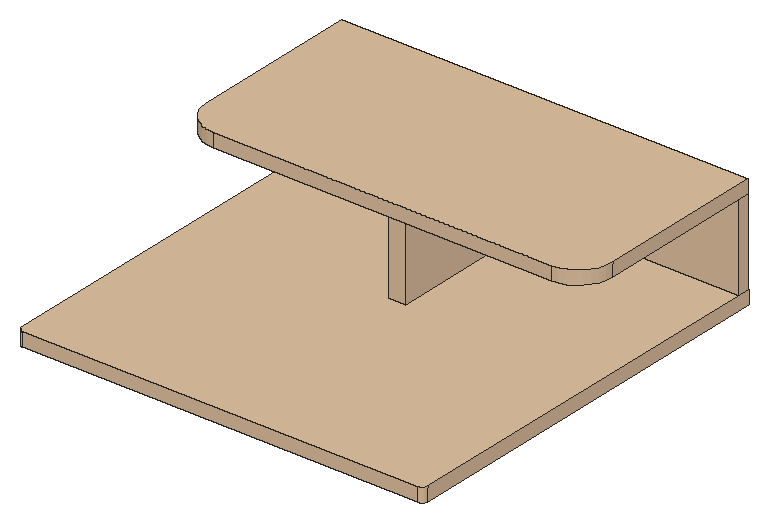
Revit family "FU_Table_LAPSE 0410MA", category Furniture, Revit 2022
Family settings
  OmniClass Number = 23.40.20.00
  OmniClass Title = General Furniture and Specialties
  Work Plane-Based = No
  Always vertical = Yes
  Cut with Voids When Loaded = No
  Render Appearance Source = Family Geometry
  Shared = No
  Room Calculation Point = No
Parameters (values of type "LAP0410MA")
  Width = 720 mm
  URL = "https://www.sandlerseating.com/product/lapse-0410ma-2/"
  Top Finish [instance] = Wood - Oak - Natural - V
  Model = "LAP0410MA"
  Manufacturer = "Sandler"
  Elevation = 333 mm
  Description = "Table element with magazine rack in the Lapse modular seating range, available in oak veneer or lacquered MDF."
  Depth = 720 mm
  Default Elevation = 0 mm
Reference planes
  plane 1 "Center (Front/Back)": y = 0
  plane 2: z = 0
  plane 3 "Center (Left/Right)": x = 0
  plane 4 "Right": x = -360
  plane 5 "Left": x = 360
  plane 6 "Back": y = 360
  plane 7 "Front": y = -360
  plane 8 "Height": z = 533
  plane 9 "Table base": z = 333
  plane 10 "Table base Top FRONT": z = 357
  plane 11 "Table Top base Front": z = 509
Forms (mm)
  Extrusion 1, solid, material "Wood - Oak - Natural - V" <- "Top Finish"
    sketch origin (0, 0, 333) x (-1, 0, 0) y (0, -1, 0)
      loop
        line (360, -360) -> (360, 350)
        arc (360, 350) -> (357.071, 357.071) -> (350, 360) r 10
        line (350, 360) -> (-350, 360)
        arc (-350, 360) -> (-357.071, 357.071) -> (-360, 350) r 10
        line (-360, 350) -> (-360, -360) -> (360, -360)
    from 0 to 24
  Extrusion 2, solid, material "Wood - Oak - Natural - V" <- "Top Finish"
    sketch origin (0, 0, 333) x (-1, 0, 0) y (0, -1, 0)
      loop
        line (360, -360) -> (360, 350)
        arc (360, 350) -> (357.071, 357.071) -> (350, 360) r 10
        line (350, 360) -> (-350, 360)
        arc (-350, 360) -> (-357.071, 357.071) -> (-360, 350) r 10
        line (-360, 350) -> (-360, -360) -> (360, -360)
    from 0 to 24
  Extrusion 3, solid, material "Wood - Oak - Natural - V" <- "Top Finish"
    sketch origin (0, 0, 509) x (-1, 0, 0) y (0, -1, 0)
      loop
        line (360, -360) -> (360, -60)
        arc (360, -60) -> (342.426, -17.574) -> (300, 0) r 60
        line (300, 0) -> (-300, 0)
        arc (-300, 0) -> (-342.426, -17.574) -> (-360, -60) r 60
        line (-360, -60) -> (-360, -360) -> (360, -360)
    from 0 to 24
  Extrusion 4, solid, material "Wood - Oak - Natural - V" <- "Top Finish"
    sketch origin (0, 0, 0) x (0, 1, 0) y (0, 0, 1)
      loop
        line (360, 531) -> (340, 531) -> (340, 335) -> (360, 335) -> (360, 531)
    from -360 to 360
  Extrusion 5, solid, material "Wood - Oak - Natural - V" <- "Top Finish"
    sketch origin (0, 0, 357) x (-1, 0, 0) y (0, -1, 0)
      loop
        line (14.964, -340) -> (14.964, -31.103) -> (-15.004, -31.103) -> (-15.004, -340) -> (14.964, -340)
    from 0 to 152
Dimensions and locks
  equal spacing: plane 4 "Right", plane 3 "Center (Left/Right)", plane 5 "Left"
  "Width": plane 4 "Right" to plane 5 "Left"
  equal spacing: plane 6 "Back", plane 1 "Center (Front/Back)", plane 7 "Front"
  "Depth": plane 6 "Back" to plane 7 "Front"
  "Elevation": plane 9 "Table base" to level
  plane 8 "Height" to plane 9 "Table base" = 200 mm
  locked: plane 10 "Table base Top FRONT" to plane 9 "Table base" at 24
  locked: plane 8 "Height" to plane 11 "Table Top base Front" at 24
  aligned and locked: level to plane 2
  aligned and locked: Extrusion 3 to plane 11 "Table Top base Front"
  aligned and locked: plane 8 "Height" to Extrusion 3
  aligned and locked: Extrusion 4 to plane 5 "Left"
  aligned and locked: plane 4 "Right" to Extrusion 4
  aligned and locked: Extrusion 5 to plane 10 "Table base Top FRONT"
  aligned and locked: plane 10 "Table base Top FRONT" to Extrusion 2
  aligned and locked: plane 10 "Table base Top FRONT" to Extrusion 1
  aligned and locked: Extrusion 2 to plane 10 "Table base Top FRONT"  (x2)
  aligned and locked: plane 10 "Table base Top FRONT" to Extrusion 5
  aligned and locked: plane 11 "Table Top base Front" to Extrusion 5
Automatic sketch dimensions
  Extrusion 1 sketch curve to plane 5 "Left" = 0 mm
  Extrusion 1 sketch curve to plane 7 "Front" = 0 mm
  Extrusion 1 sketch curve to plane 4 "Right" = 0 mm
  Extrusion 1 sketch curve to plane 6 "Back" = 0 mm
  plane 5 "Left" to Extrusion 1 sketch curve = 10 mm
  Extrusion 1 sketch curve to plane 4 "Right" = 10 mm
  Extrusion 2 sketch curve to plane 5 "Left" = 0 mm
  Extrusion 2 sketch curve to plane 7 "Front" = 0 mm
  Extrusion 2 sketch curve to plane 4 "Right" = 0 mm
  Extrusion 2 sketch curve to plane 6 "Back" = 0 mm
  plane 5 "Left" to Extrusion 2 sketch curve = 10 mm
  Extrusion 2 sketch curve to plane 4 "Right" = 10 mm
  Extrusion 3 sketch curve to plane 5 "Left" = 0 mm
  plane 7 "Front" to Extrusion 3 sketch curve = 360 mm
  Extrusion 3 sketch curve to plane 4 "Right" = 0 mm
  Extrusion 3 sketch curve to plane 6 "Back" = 0 mm
  plane 5 "Left" to Extrusion 3 sketch curve = 60 mm
  Extrusion 3 sketch curve to Extrusion 3 sketch curve = 60 mm
  Extrusion 4 sketch curve to plane 8 "Height" = 2 mm
  plane 9 "Table base" to Extrusion 4 sketch curve = 2 mm
  Extrusion 4 sketch curve to plane 6 "Back" = 0 mm
  Extrusion 4 sketch curve to plane 6 "Back" = 20 mm
  plane 3 "Center (Left/Right)" to Extrusion 5 sketch curve = 15.004 mm
  Extrusion 5 sketch curve to plane 3 "Center (Left/Right)" = 14.964 mm
  Extrusion 5 sketch curve to plane 6 "Back" = 20 mm
  plane 7 "Front" to Extrusion 5 sketch curve = 391.103 mm
